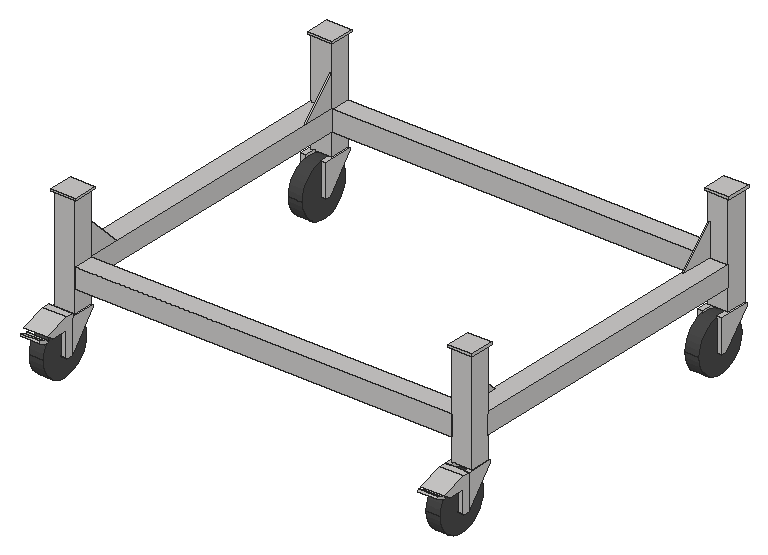
Revit family "QF_ELECTROLUXPROFESSIONAL_922634_RIWEST621", category Attrezzature speciali, Revit 2020
Family settings
  Quota connettore circolare = Usa diametro
  Tipo di parte = Normale
  Basato su piano di lavoro = No
  Sempre verticale = Sì
  Taglio con vuoti quando caricato = No
  Condiviso = No
  Punto di calcolo locali = No
Parameters (values of type "Standard")
  Weight = 0.00 kg
  Watts = 0 W
  Volts = 0 V
  URL Manufacturer = ""
  URL = ""
  Steam Supply Size = 0 mm
  Steam Supply Minimum Pressure = 0.0 Pa
  Steam Supply Maximum Pressure = 0.0 Pa
  Steam Consumption per Hour = 0
  Show Clearance [instance] = yes
  Refrigeration Suction Line Size = 0 mm
  Refrigeration Liquid Line Size = 0 mm
  Refrigerant Compressor Remote = yes
  Prospetto di default = 0 mm
  Manufacturer = ""
  Phase = 0
  Model = ""
  Length Actual = 1058 mm  # constant formula
  Item Number = ""
  Hot Water Size = 0 mm
  Height Actual = 390 mm  # constant formula
  HP = ""
  Gas Size = 0 mm
  Gas KW = 0
  Gas Input Pressure = 0 W
  Direct Waste Size = 0 mm
  Description = ""
  Depth Actual = 871 mm  # constant formula
  Cycle = 0 Hz
  Condensate Return Size = 0 mm
  Compressed Air Volume = 0.0 L/s
  Compressed Air Size = 0 mm
  Compressed Air Pressure = 0.0 Pa
  Cold Water Size = 0 mm
  Accessory = yes
Reference planes
  plane 1 "Back": y = 0
  plane 2: z = 0
  plane 3 "FRONT": y = -837
  plane 4 "LEFT": x = -126
  plane 5 "RIGHT": x = 898
  plane 6: x = 386
  plane 7 "Centro Avanti/Indietro": y = -418.5
  plane 8: z = 390
  plane 9: z = 187
  plane 10: y = -812
  plane 11: y = -25
  plane 12: x = 873
  plane 13: x = -101
  plane 14: z = 132.865
  plane 15: z = 385
  plane 16: x = -79.553
  plane 17: x = -76
  plane 18: x = 848
  plane 19: x = 852
Forms (mm)
  Extrusion 1, solid, material "QF_Finishes_Stainless Steel"
    sketch origin (514.471, 1, 0) x (0, 1, 0) y (0, 0, 1)
      loop
        line (-788, 132.865) -> (-850.711, 132.865) -> (-850.711, 52.645) -> (-788, 127.865) -> (-788, 132.865)
    from -644.885 to -633
  Extrusion 2, solid, material "QF_Finishes_Stainless Steel"
    sketch origin (511.971, 1, 0) x (0, 1, 0) y (0, 0, 1)
      loop
        line (-850.711, 52.645) -> (-850.711, 140.865) -> (-869.079, 140.865) -> (-927.553, 122.988) -> (-912.782, 112.645) -> (-872.782, 112.645) -> (-872.782, 52.645) -> (-869.246, 49.109) -> (-854.246, 49.109) -> (-850.711, 52.645)
    from -642.385 to -583.643
  Extrusion 3, solid, material "QF_Finishes_Stainless Steel"
    sketch origin (511.971, 1, 0) x (0, 1, 0) y (0, 0, 1)
      loop
        line (-916.479, 107.234) -> (-924.494, 112.846) -> (-926.533, 110.807) -> (-942.019, 118.028) -> (-944.519, 113.698) -> (-927.199, 103.698) -> (-920.015, 103.698) -> (-916.479, 107.234)
    from -637.031 to -590
  Extrusion 4, solid, material "QF_Finishes_Stainless Steel"
    sketch origin (-716.557, 1, 0) x (0, 1, 0) y (0, 0, -1)
      loop
        line (-788, -132.865) -> (-788, -127.865) -> (-850.711, -52.645) -> (-850.711, -132.865) -> (-788, -132.865)
    from -644.885 to -633
  Extrusion 5, solid, material "QF_Finishes_Stainless Steel"
    sketch origin (257.812, 1, 0) x (0, 1, 0) y (0, 0, -1)
      loop
        line (-788, -132.865) -> (-788, -127.865) -> (-850.711, -52.645) -> (-850.711, -132.865) -> (-788, -132.865)
    from -644.885 to -633
  Extrusion 6, solid, material "QF_Finishes_Stainless Steel"
    sketch origin (260.312, 1, 0) x (0, 1, 0) y (0, 0, -1)
      loop
        line (-850.711, -52.645) -> (-854.246, -49.109) -> (-869.246, -49.109) -> (-872.782, -52.645) -> (-872.782, -104.645) -> (-912.782, -104.645) -> (-927.553, -114.988) -> (-869.079, -132.865) -> (-850.711, -132.865) -> (-850.711, -52.645)
    from -642.385 to -583.643
  Extrusion 7, solid, material "QF_Finishes_Stainless Steel"
    sketch origin (260.312, 1, 0) x (0, 1, 0) y (0, 0, -1)
      loop
        line (-916.479, -107.234) -> (-920.015, -103.698) -> (-927.199, -103.698) -> (-944.519, -113.698) -> (-942.019, -118.028) -> (-926.533, -110.807) -> (-924.494, -112.846) -> (-916.479, -107.234)
    from -637.031 to -590
  Extrusion 8, solid, material "QF_Finishes_Stainless Steel"
    sketch origin (1488.841, 1, 0) x (0, 1, 0) y (0, 0, 1)
      loop
        line (-788, 132.865) -> (-850.711, 132.865) -> (-850.711, 52.645) -> (-788, 127.865) -> (-788, 132.865)
    from -644.885 to -633
  Extrusion 9, solid, material "QF_Finishes_Black"
    sketch origin (512.625, -102.949, 1.25) x (0, 1, 0) y (0, 0, 1)
      loop
        circle (37.949, 63.776) r 65
    from -630.5 to -595.528
  Extrusion 10, solid, material "QF_Finishes_Black"
    sketch origin (511.971, -440, 1.25) x (0, -1, 0) y (0, 0, -1)
      loop
        circle (418.949, -63.776) r 65
    from -630.5 to -595.528
  Extrusion 11, solid, material "QF_Finishes_Black"
    sketch origin (260.184, -102.987, 1.25) x (0, 1, 0) y (0, 0, -1)
      loop
        circle (37.949, -63.776) r 65
    from -630.5 to -595.528
  Extrusion 12, solid, material "QF_Finishes_Black"
    sketch origin (260.312, -440, 1.25) x (0, -1, 0) y (0, 0, 1)
      loop
        circle (418.949, 63.776) r 65
    from -630.5 to -595.528
  Extrusion 13, void
    sketch origin (260.312, -440, 1.25) x (0, -1, 0) y (0, 0, 1)
      loop
        circle (418.949, 63.776) r 65
    from -630.5 to -595.528
  Extrusion 14, void
    sketch origin (511.971, -440, 1.25) x (0, -1, 0) y (0, 0, -1)
      loop
        circle (418.949, -63.776) r 65
    from -630.5 to -595.528
  Extrusion 15, solid, material "QF_Finishes_Stainless Steel"
    sketch origin (0, 0, 0) x (1, 0, 0) y (0, 1, 0)
      loop
        line (-126, 0) -> (-126, -50) -> (-76, -50) -> (-76, 0) -> (-126, 0)
    from 132.865 to 385
  Extrusion 16, solid, material "QF_Finishes_Stainless Steel"
    sketch origin (772, 0, 0) x (-1, 0, 0) y (0, -1, 0)
      loop
        line (-126, 0) -> (-76, 0) -> (-76, 50) -> (-126, 50) -> (-126, 0)
    from 132.865 to 385
  Extrusion 17, solid, material "QF_Finishes_Stainless Steel"
    sketch origin (0, -837, 0) x (1, 0, 0) y (0, 1, 0)
      loop
        line (-126, 0) -> (-76, 0) -> (-76, 50) -> (-126, 50) -> (-126, 0)
    from 132.865 to 385
  Extrusion 18, solid, material "QF_Finishes_Stainless Steel"
    sketch origin (772, -837, 0) x (-1, 0, 0) y (0, -1, 0)
      loop
        line (-126, 0) -> (-126, -50) -> (-76, -50) -> (-76, 0) -> (-126, 0)
    from 132.865 to 385
  Extrusion 19, solid, material "QF_Finishes_Stainless Steel"
    sketch origin (514.471, 788, 0) x (0, 1, 0) y (0, 0, 1)
      loop
        line (-788, 132.865) -> (-863, 132.865) -> (-863, 52.645) -> (-850.711, 52.645) -> (-788, 127.865) -> (-788, 132.865)
    from -644.885 to -632.346
  Extrusion 20, solid, material "QF_Finishes_Stainless Steel"
    sketch origin (-715.249, 788, 0) x (0, 1, 0) y (0, 0, -1)
      loop
        line (-788, -132.865) -> (-788, -127.865) -> (-850.711, -52.645) -> (-863, -52.645) -> (-863, -132.865) -> (-788, -132.865)
    from -644.885 to -632.346
  Extrusion 21, solid, material "QF_Finishes_Stainless Steel"
    sketch origin (258.338, 788, 0) x (0, 1, 0) y (0, 0, -1)
      loop
        line (-788, -132.865) -> (-788, -127.865) -> (-850.711, -52.645) -> (-863, -52.645) -> (-863, -132.865) -> (-788, -132.865)
    from -644.885 to -632.346
  Extrusion 22, solid, material "QF_Finishes_Stainless Steel"
    sketch origin (1488.059, 788, 0) x (0, 1, 0) y (0, 0, 1)
      loop
        line (-788, 132.865) -> (-863, 132.865) -> (-863, 52.645) -> (-850.711, 52.645) -> (-788, 127.865) -> (-788, 132.865)
    from -644.885 to -632.346
  Extrusion 23, solid, material "QF_Finishes_Stainless Steel"
    sketch origin (0, 0, 0) x (0, 1, 0) y (0, 0, 1)
      loop
        line (0, 187) -> (0, 237) -> (-50, 237) -> (-50, 187) -> (0, 187)
    from -76 to 848
  Extrusion 24, solid, material "QF_Finishes_Stainless Steel"
    sketch origin (0, -837, 0) x (0, -1, 0) y (0, 0, -1)
      loop
        line (0, -187) -> (-50, -187) -> (-50, -237) -> (0, -237) -> (0, -187)
    from -76 to 848
  Extrusion 25, solid, material "QF_Finishes_Stainless Steel"
    sketch origin (848, -812, 0) x (-1, 0, 0) y (0, 0, 1)
      loop
        line (0, 187) -> (0, 237) -> (-50, 237) -> (-50, 187) -> (0, 187)
    from 25 to 762
  Extrusion 26, solid, material "QF_Finishes_Stainless Steel"
    sketch origin (-76, -812, 0) x (1, 0, 0) y (0, 0, -1)
      loop
        line (0, -187) -> (-50, -187) -> (-50, -237) -> (0, -237) -> (0, -187)
    from 25 to 762
  Extrusion 27, solid, material "QF_Finishes_Stainless Steel"
    sketch origin (0, 0, 0) x (1, 0, 0) y (0, 1, 0)
      loop
        line (843.174, 5) -> (843.174, -55) -> (903.174, -55) -> (903.174, 5) -> (843.174, 5)
    from 385 to 390
  Extrusion 28, solid, material "QF_Finishes_Stainless Steel"
    sketch origin (772, 0, 0) x (-1, 0, 0) y (0, -1, 0)
      loop
        line (843.174, -5) -> (903.174, -5) -> (903.174, 55) -> (843.174, 55) -> (843.174, -5)
    from 385 to 390
  Extrusion 29, solid, material "QF_Finishes_Stainless Steel"
    sketch origin (772, -837, 0) x (-1, 0, 0) y (0, -1, 0)
      loop
        line (843.174, 5) -> (843.174, -55) -> (903.174, -55) -> (903.174, 5) -> (843.174, 5)
    from 385 to 390
  Extrusion 30, solid, material "QF_Finishes_Stainless Steel"
    sketch origin (0, -837, 0) x (1, 0, 0) y (0, 1, 0)
      loop
        line (843.174, -5) -> (903.174, -5) -> (903.174, 55) -> (843.174, 55) -> (843.174, -5)
    from 385 to 390
  Extrusion 31, solid, material "QF_Finishes_Stainless Steel"
    sketch origin (0, 0, 0) x (0, 1, 0) y (0, 0, 1)
      loop
        line (-50, 315) -> (-128, 237) -> (-50, 237) -> (-50, 315)
    from -79.553 to -76
  Extrusion 32, solid, material "QF_Finishes_Stainless Steel"
    sketch origin (772, 0, 0) x (0, 1, 0) y (0, 0, -1)
      loop
        line (-50, -315) -> (-50, -237) -> (-128, -237) -> (-50, -315)
    from -79.553 to -76
  Extrusion 33, solid, material "QF_Finishes_Stainless Steel"
    sketch origin (0, -837, 0) x (0, -1, 0) y (0, 0, -1)
      loop
        line (-50, -315) -> (-50, -237) -> (-128, -237) -> (-50, -315)
    from -79.553 to -76
  Extrusion 34, solid, material "QF_Finishes_Stainless Steel"
    sketch origin (772, -837, 0) x (0, -1, 0) y (0, 0, 1)
      loop
        line (-50, 315) -> (-128, 237) -> (-50, 237) -> (-50, 315)
    from -79.553 to -76
Cuts and joins
  Extrusion 13 cuts Extrusion 6
  Extrusion 14 cuts Extrusion 2
Dimensions and locks
  plane 5 "RIGHT" to plane 4 "LEFT" = 1024 mm
  plane 4 "LEFT" to plane 5 "RIGHT" = 1024 mm
  plane 3 "FRONT" to plane 1 "Back" = 837 mm
  plane 1 "Back" to plane 3 "FRONT" = 837 mm
  equal spacing: plane 4 "LEFT", plane 6, plane 5 "RIGHT"
  equal spacing: plane 3 "FRONT", plane 7 "Centro Avanti/Indietro", plane 1 "Back"
  plane 8 to plane 2 = 390 mm
  equal spacing: plane 13, plane 6, plane 12
  plane 13 to plane 12 = 974 mm
  plane 11 to plane 10 = 787 mm
  equal spacing: plane 11, plane 7 "Centro Avanti/Indietro", plane 10
  plane 9 to plane 2 = 187 mm
  locked: plane 8 to plane 15 at 5
  locked: plane 4 "LEFT" to plane 17 at 50
  locked: plane 16 to plane 17 at 3.553
  locked: plane 18 to plane 5 "RIGHT" at 50
  locked: plane 18 to plane 19 at 4
  aligned and locked: level to plane 2
  aligned and locked: Extrusion 17 to plane 14
  aligned and locked: Extrusion 18 to plane 14
  aligned and locked: Extrusion 15 to plane 14
  aligned and locked: Extrusion 16 to plane 14
  aligned and locked: Extrusion 24 to Extrusion 17
  aligned and locked: Extrusion 23 to Extrusion 17
  aligned and locked: Extrusion 24 to Extrusion 18
  aligned and locked: Extrusion 26 to Extrusion 15
  aligned and locked: Extrusion 25 to Extrusion 15
  aligned and locked: Extrusion 26 to Extrusion 17
  aligned and locked: Extrusion 25 to Extrusion 17
  aligned and locked: plane 8 to Extrusion 27
  aligned and locked: Extrusion 27 to plane 15
  aligned and locked: plane 15 to Extrusion 18
  aligned and locked: plane 15 to Extrusion 17
  aligned and locked: plane 15 to Extrusion 16
  aligned and locked: plane 15 to Extrusion 15
  aligned and locked: Extrusion 31 to Extrusion 15
  aligned and locked: Extrusion 31 to plane 16
Automatic sketch dimensions
  Extrusion 1 sketch curve to plane 14 = 0 mm
  Extrusion 1 sketch curve to plane 3 "FRONT" = 12.711 mm
  Extrusion 1 sketch curve to plane 14 = 5 mm
  Extrusion 1 sketch curve to plane 10 = 25 mm
  level to Extrusion 1 sketch curve = 52.645 mm
  Extrusion 2 sketch curve to plane 14 = 9.877 mm
  Extrusion 2 sketch curve to plane 3 "FRONT" = 89.553 mm
  Extrusion 2 sketch curve to plane 14 = 20.22 mm
  Extrusion 2 sketch curve to Extrusion 2 sketch curve = 14.771 mm
  Extrusion 2 sketch curve to plane 3 "FRONT" = 34.782 mm
  Extrusion 2 sketch curve to Extrusion 2 sketch curve = 3.536 mm  (x3)
  plane 14 to Extrusion 2 sketch curve = 8 mm
  Extrusion 2 sketch curve to Extrusion 2 sketch curve = 3.703 mm
  Extrusion 2 sketch curve to Extrusion 2 sketch curve = 15 mm
  level to Extrusion 2 sketch curve = 52.645 mm
  Extrusion 2 sketch curve to Extrusion 2 sketch curve = 0 mm
  Extrusion 3 sketch curve to plane 14 = 19.167 mm
  Extrusion 3 sketch curve to plane 3 "FRONT" = 106.519 mm
  Extrusion 3 sketch curve to plane 14 = 14.837 mm
  Extrusion 3 sketch curve to Extrusion 3 sketch curve = 2.5 mm
  Extrusion 3 sketch curve to Extrusion 3 sketch curve = 17.321 mm
  Extrusion 3 sketch curve to plane 14 = 22.058 mm
  Extrusion 3 sketch curve to Extrusion 3 sketch curve = 0.665 mm
  Extrusion 3 sketch curve to plane 14 = 20.019 mm
  Extrusion 3 sketch curve to Extrusion 3 sketch curve = 2.039 mm
  Extrusion 3 sketch curve to Extrusion 3 sketch curve = 7.184 mm
  Extrusion 3 sketch curve to plane 14 = 25.631 mm
  Extrusion 3 sketch curve to Extrusion 3 sketch curve = 3.536 mm
  Extrusion 4 sketch curve to plane 14 = 0 mm
  Extrusion 4 sketch curve to plane 3 "FRONT" = 12.711 mm
  Extrusion 4 sketch curve to plane 14 = 5 mm
  Extrusion 4 sketch curve to plane 10 = 25 mm
  level to Extrusion 4 sketch curve = 52.645 mm
  Extrusion 5 sketch curve to plane 14 = 0 mm
  Extrusion 5 sketch curve to plane 3 "FRONT" = 12.711 mm
  Extrusion 5 sketch curve to plane 14 = 5 mm
  Extrusion 5 sketch curve to plane 10 = 25 mm
  level to Extrusion 5 sketch curve = 52.645 mm
  Extrusion 6 sketch curve to plane 14 = 0 mm
  Extrusion 6 sketch curve to plane 14 = 17.877 mm
  Extrusion 6 sketch curve to plane 3 "FRONT" = 89.553 mm
  Extrusion 6 sketch curve to plane 14 = 28.22 mm
  Extrusion 6 sketch curve to Extrusion 6 sketch curve = 14.771 mm
  Extrusion 6 sketch curve to plane 3 "FRONT" = 34.782 mm
  Extrusion 6 sketch curve to Extrusion 6 sketch curve = 3.536 mm  (x3)
  Extrusion 6 sketch curve to Extrusion 6 sketch curve = 3.703 mm
  Extrusion 6 sketch curve to Extrusion 6 sketch curve = 15 mm
  Extrusion 6 sketch curve to Extrusion 6 sketch curve = 52 mm
  Extrusion 6 sketch curve to Extrusion 6 sketch curve = 0 mm
  Extrusion 7 sketch curve to plane 14 = 19.167 mm
  Extrusion 7 sketch curve to plane 3 "FRONT" = 106.519 mm
  Extrusion 7 sketch curve to plane 14 = 14.837 mm
  Extrusion 7 sketch curve to Extrusion 7 sketch curve = 2.5 mm
  Extrusion 7 sketch curve to Extrusion 7 sketch curve = 17.321 mm
  Extrusion 7 sketch curve to plane 14 = 22.058 mm
  Extrusion 7 sketch curve to Extrusion 7 sketch curve = 0.665 mm
  Extrusion 7 sketch curve to plane 14 = 20.019 mm
  Extrusion 7 sketch curve to Extrusion 7 sketch curve = 2.039 mm
  Extrusion 7 sketch curve to Extrusion 7 sketch curve = 7.184 mm
  Extrusion 7 sketch curve to plane 14 = 25.631 mm
  Extrusion 7 sketch curve to Extrusion 7 sketch curve = 3.536 mm
  Extrusion 8 sketch curve to plane 14 = 0 mm
  Extrusion 8 sketch curve to plane 3 "FRONT" = 12.711 mm
  Extrusion 8 sketch curve to plane 14 = 5 mm
  Extrusion 8 sketch curve to plane 10 = 25 mm
  level to Extrusion 8 sketch curve = 52.645 mm
  Extrusion 9 sketch curve to plane 11 = 40 mm
  level to Extrusion 9 sketch curve = 65.026 mm
  Extrusion 10 sketch curve to plane 3 "FRONT" = 21.949 mm
  level to Extrusion 10 sketch curve = 65.026 mm
  Extrusion 11 sketch curve to plane 11 = 40.038 mm
  level to Extrusion 11 sketch curve = 65.026 mm
  Extrusion 12 sketch curve to plane 3 "FRONT" = 21.949 mm
  level to Extrusion 12 sketch curve = 65.026 mm
  Extrusion 13 sketch curve to plane 3 "FRONT" = 21.949 mm
  level to Extrusion 13 sketch curve = 65.026 mm
  Extrusion 14 sketch curve to plane 3 "FRONT" = 21.949 mm
  level to Extrusion 14 sketch curve = 65.026 mm
  Extrusion 15 sketch curve to plane 4 "LEFT" = 0 mm
  Extrusion 15 sketch curve to plane 17 = 0 mm
  plane 1 "Back" to Extrusion 15 sketch curve = 0 mm
  Extrusion 15 sketch curve to plane 11 = 25 mm
  Extrusion 16 sketch curve to plane 5 "RIGHT" = 0 mm
  Extrusion 16 sketch curve to plane 18 = 0 mm
  plane 1 "Back" to Extrusion 16 sketch curve = 0 mm
  plane 11 to Extrusion 16 sketch curve = 25 mm
  Extrusion 17 sketch curve to plane 4 "LEFT" = 0 mm
  Extrusion 17 sketch curve to plane 17 = 0 mm
  Extrusion 17 sketch curve to plane 3 "FRONT" = 0 mm
  plane 10 to Extrusion 17 sketch curve = 25 mm
  Extrusion 18 sketch curve to plane 5 "RIGHT" = 0 mm
  Extrusion 18 sketch curve to plane 18 = 0 mm
  Extrusion 18 sketch curve to plane 3 "FRONT" = 0 mm
  Extrusion 18 sketch curve to plane 10 = 25 mm
  Extrusion 19 sketch curve to plane 14 = 0 mm
  Extrusion 19 sketch curve to plane 1 "Back" = 0 mm
  Extrusion 19 sketch curve to plane 11 = 37.711 mm
  Extrusion 19 sketch curve to plane 11 = 50 mm
  Extrusion 19 sketch curve to plane 14 = 5 mm
  level to Extrusion 19 sketch curve = 52.645 mm
  Extrusion 20 sketch curve to plane 14 = 0 mm
  Extrusion 20 sketch curve to plane 1 "Back" = 0 mm
  Extrusion 20 sketch curve to plane 11 = 37.711 mm
  Extrusion 20 sketch curve to plane 11 = 50 mm
  Extrusion 20 sketch curve to plane 14 = 5 mm
  level to Extrusion 20 sketch curve = 52.645 mm
  Extrusion 21 sketch curve to plane 14 = 0 mm
  Extrusion 21 sketch curve to plane 1 "Back" = 0 mm
  Extrusion 21 sketch curve to plane 11 = 37.711 mm
  Extrusion 21 sketch curve to plane 11 = 50 mm
  Extrusion 21 sketch curve to plane 14 = 5 mm
  level to Extrusion 21 sketch curve = 52.645 mm
  Extrusion 22 sketch curve to plane 14 = 0 mm
  Extrusion 22 sketch curve to plane 1 "Back" = 0 mm
  Extrusion 22 sketch curve to plane 11 = 37.711 mm
  Extrusion 22 sketch curve to plane 11 = 50 mm
  Extrusion 22 sketch curve to plane 14 = 5 mm
  level to Extrusion 22 sketch curve = 52.645 mm
  plane 9 to Extrusion 23 sketch curve = 0 mm
  Extrusion 23 sketch curve to plane 1 "Back" = 0 mm
  Extrusion 23 sketch curve to plane 11 = 25 mm
  Extrusion 23 sketch curve to plane 9 = 50 mm
  plane 9 to Extrusion 24 sketch curve = 0 mm
  Extrusion 24 sketch curve to plane 3 "FRONT" = 0 mm
  Extrusion 24 sketch curve to plane 10 = 25 mm
  Extrusion 24 sketch curve to Extrusion 24 sketch curve = 50 mm
  plane 5 "RIGHT" to Extrusion 25 sketch curve = 0 mm
  plane 18 to Extrusion 25 sketch curve = 0 mm
  Extrusion 25 sketch curve to plane 9 = 0 mm
  Extrusion 25 sketch curve to Extrusion 25 sketch curve = 50 mm
  Extrusion 26 sketch curve to plane 4 "LEFT" = 0 mm
  plane 17 to Extrusion 26 sketch curve = 0 mm
  Extrusion 26 sketch curve to plane 9 = 0 mm
  Extrusion 26 sketch curve to Extrusion 26 sketch curve = 50 mm
  plane 18 to Extrusion 27 sketch curve = 4.826 mm
  Extrusion 27 sketch curve to plane 5 "RIGHT" = 5.174 mm
  Extrusion 27 sketch curve to plane 11 = 30 mm
  Extrusion 27 sketch curve to plane 1 "Back" = 5 mm
  plane 17 to Extrusion 28 sketch curve = 4.826 mm
  plane 4 "LEFT" to Extrusion 28 sketch curve = 5.174 mm
  plane 11 to Extrusion 28 sketch curve = 30 mm
  plane 1 "Back" to Extrusion 28 sketch curve = 5 mm
  Extrusion 29 sketch curve to plane 17 = 4.826 mm
  Extrusion 29 sketch curve to plane 4 "LEFT" = 5.174 mm
  Extrusion 29 sketch curve to plane 10 = 30 mm
  Extrusion 29 sketch curve to plane 3 "FRONT" = 5 mm
  Extrusion 30 sketch curve to plane 18 = 4.826 mm
  plane 5 "RIGHT" to Extrusion 30 sketch curve = 5.174 mm
  plane 10 to Extrusion 30 sketch curve = 30 mm
  plane 3 "FRONT" to Extrusion 30 sketch curve = 5 mm
  Extrusion 31 sketch curve to plane 9 = 50 mm
  Extrusion 31 sketch curve to plane 11 = 103 mm
  Extrusion 31 sketch curve to plane 11 = 25 mm
  Extrusion 31 sketch curve to plane 15 = 70 mm
  Extrusion 32 sketch curve to plane 9 = 50 mm
  Extrusion 32 sketch curve to plane 11 = 103 mm
  Extrusion 32 sketch curve to plane 11 = 25 mm
  Extrusion 32 sketch curve to plane 15 = 70 mm
  Extrusion 33 sketch curve to plane 9 = 50 mm
  Extrusion 33 sketch curve to plane 10 = 103 mm
  Extrusion 33 sketch curve to plane 10 = 25 mm
  Extrusion 33 sketch curve to plane 15 = 70 mm
  Extrusion 34 sketch curve to plane 9 = 50 mm
  Extrusion 34 sketch curve to plane 10 = 103 mm
  Extrusion 34 sketch curve to plane 10 = 25 mm
  Extrusion 34 sketch curve to plane 15 = 70 mm
  radius of Extrusion 9 sketch curve = 65 mm
  radius of Extrusion 10 sketch curve = 65 mm
  radius of Extrusion 11 sketch curve = 65 mm
  radius of Extrusion 12 sketch curve = 65 mm
  radius of Extrusion 13 sketch curve = 65 mm
  radius of Extrusion 14 sketch curve = 65 mm
